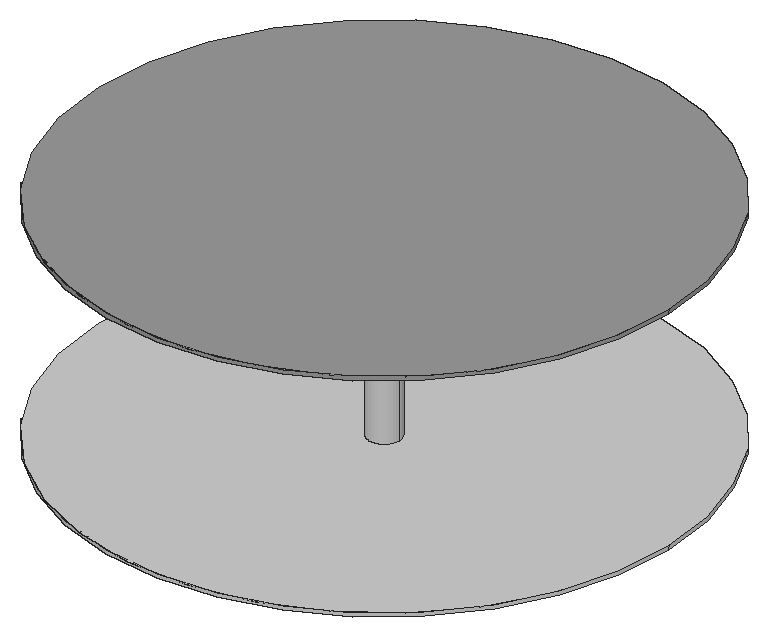
Revit family "Haworth_Cappellini_Gong_Table_AP_PRELIMINARY", category Furniture, Revit 2018
Family settings
  OmniClass Number = 23.40.20.00
  OmniClass Title = General Furniture and Specialties
  Work Plane-Based = No
  Always vertical = Yes
  Cut with Voids When Loaded = No
  Shared = No
  Room Calculation Point = No
Parameters (values of type "Large - Plain Top")
  Worksurface Width = if(Small, 250 mm, 370 mm)  # 370 mm
  Warranty = "http://www.haworth.com/resources/product-info/warranties"
  URL - Product = "https://www.haworth.com/ap/en/products/coffee-tables/gong.html"
  URL = "https://www.haworth.com/ap/en.html"
  Table Finish [instance] = Haworth _ Laminate _ Undecided _ Tables
  Small = no
  Size = "Verify Final Dim. w/ Haworth"  # constant formula
  Revision = "1"  # constant formula
  Radius = if(Small, 15 mm, 20 mm)  # 20 mm
  Plain Top = yes
  Model = "GG_XX"  # constant formula
  Manufacturer = "Haworth"  # constant formula
  Large = not(Small)  # yes
  Description = "Haworth - Cappellini - Gong - Table"  # constant formula
  Circus Top 2 Finish [instance] = Haworth _ Laminate _ Undecided _ Tables
  Circus Top 1 Finish [instance] = Haworth _ Laminate _ Collection Black E9-1
  Circus Top = not(or(Plain Top, Large))  # no
  Base Finish [instance] = Haworth _ Paint _ Undecided _ Table
  Author = "Haworth (Hampton, Abd Rahman)"  # constant formula
  Assembly Code = "E2020200"
  Actual Height = if(Small, 420 mm, 280 mm)  # 280 mm
  Actual Diameter = if(Small, 500 mm, 735 mm)  # 735 mm
Types (4, lengths in mm): name | Worksurface Width | Small | Radius | Plain Top | Large | Circus Top | Base Finish | Actual Height | Actual Diameter
  (no name) | 370 | no | 20 | yes | yes | no | Haworth _ Paint _ Undecided _ Table | 280 | 735
  Small - Plain Top | 250 | yes | 15 | yes | no | no | Haworth _ Paint _ Undecided _ Table | 420 | 500
  Large - Plain Top | 370 | no | 20 | yes | yes | no | Haworth _ Paint _ Undecided _ Table | 280 | 735
  Small - Circus Top | 250 | yes | 15 | no | no | yes | Haworth _ Paint _ Black | 420 | 500
Reference planes
  plane 1 "Center Front/Back": y = 0
  plane 2: z = 0
  plane 3 "Center Left/Right": x = 0
  plane 4 "Top": z = 280
  plane 5 "Top Bottom": z = 274.973
  plane 6 "Bottom Top": z = 4.762
  plane 7: x = -367.5
  plane 8: x = 367.5
  plane 9: y = -367.5
  plane 10: y = 367.5
  plane 11: through (-125, 216.506, 1219.2) normal (0.866, 0.5, 0)
  plane 12: through (216.506, 125, 1219.2) normal (0.5, -0.866, 0)
  plane 13: through (216.506, -125, 1219.2) normal (-0.5, -0.866, 0)
  plane 14: through (62.5, 108.253, 1219.2) normal (0.866, -0.5, 0)
Forms (mm)
  Extrusion 1, solid, material "Haworth _ Paint _ Undecided _ Table" <- "Base Finish"
    sketch origin (0, 0, 0) x (1, 0, 0) y (0, 1, 0)
      loop
        circle (0, 0) r 370
    from 0 to 4.762
  Extrusion 2, solid, material "Haworth _ Laminate _ Undecided _ Tables" <- "Table Finish", visible <- "Plain Top"
    sketch origin (0, 0, 0) x (1, 0, 0) y (0, 1, 0)
      loop
        circle (0, 0) r 370
    from 274.973 to 280
  Extrusion 3, solid, material "Haworth _ Paint _ Undecided _ Table" <- "Base Finish"
    sketch origin (0, 0, 0) x (1, 0, 0) y (0, 1, 0)
      loop
        circle (0, 0) r 20
    from 4.762 to 274.973
  Extrusion 4, solid, material "Haworth _ Laminate _ Undecided _ Tables" <- "Circus Top 2 Finish", visible <- "Circus Top"
    sketch origin (0, 0, 0) x (1, 0, 0) y (0, 1, 0)
      loop
        arc (183.75, 318.264) -> (95.116, 354.978) -> (0, 367.5) r 367.5
        line (0, 367.5) -> (0, 0) -> (183.75, 318.264)
    from 274.973 to 280
  Extrusion 5, solid, material "Haworth _ Laminate _ Collection Black E9-1" <- "Circus Top 1 Finish", visible <- "Circus Top"
    sketch origin (0, 0, 0) x (-0.5, 0.866025, 0) y (-0.866025, -0.5, 0)
      loop
        line (185, -320.429) -> (0, 0) -> (0, -370)
        arc (0, -370) -> (95.763, -357.393) -> (185, -320.429) r 370
    from 274.973 to 280
  Extrusion 6, solid, material "Haworth _ Laminate _ Undecided _ Tables" <- "Circus Top 2 Finish", visible <- "Circus Top"
    sketch origin (0, 0, 0) x (0.5, -0.866025, 0) y (0.866025, 0.5, 0)
      loop
        arc (183.75, 318.264) -> (95.116, 354.978) -> (0, 367.5) r 367.5
        line (0, 367.5) -> (0, 0) -> (183.75, 318.264)
    from 274.973 to 280
  Extrusion 7, solid, material "Haworth _ Laminate _ Collection Black E9-1" <- "Circus Top 1 Finish", visible <- "Circus Top"
    sketch origin (0, 0, 0) x (-1, 0, 0) y (0, -1, 0)
      loop
        line (183.75, -318.264) -> (0, 0) -> (0, -367.5)
        arc (0, -367.5) -> (95.116, -354.978) -> (183.75, -318.264) r 367.5
    from 274.973 to 280
  Extrusion 8, solid, material "Haworth _ Laminate _ Undecided _ Tables" <- "Circus Top 2 Finish", visible <- "Circus Top"
    sketch origin (0, 0, 0) x (0.5, 0.866025, 0) y (-0.866025, 0.5, 0)
      loop
        arc (185, 320.429) -> (95.763, 357.393) -> (0, 370) r 370
        line (0, 370) -> (0, 0) -> (185, 320.429)
    from 274.973 to 280
  Extrusion 9, solid, material "Haworth _ Laminate _ Collection Black E9-1" <- "Circus Top 1 Finish", visible <- "Circus Top"
    sketch origin (0, 0, 0) x (-0.5, -0.866025, 0) y (0.866025, -0.5, 0)
      loop
        line (183.75, -318.264) -> (0, 0) -> (0, -367.5)
        arc (0, -367.5) -> (95.116, -354.978) -> (183.75, -318.264) r 367.5
    from 274.973 to 280
  Extrusion 10, solid, material "Haworth _ Laminate _ Collection Black E9-1" <- "Circus Top 1 Finish", visible <- "Circus Top"
    sketch origin (0, 0, 0) x (1, 0, 0) y (0, 1, 0)
      loop
        line (183.75, -318.264) -> (0, 0) -> (0, -367.5)
        arc (0, -367.5) -> (95.116, -354.978) -> (183.75, -318.264) r 367.5
    from 274.973 to 280
  Extrusion 11, solid, material "Haworth _ Laminate _ Undecided _ Tables" <- "Circus Top 2 Finish", visible <- "Circus Top"
    sketch origin (0, 0, 0) x (-0.5, -0.866025, 0) y (0.866025, -0.5, 0)
      loop
        arc (185, 320.429) -> (95.763, 357.393) -> (0, 370) r 370
        line (0, 370) -> (0, 0) -> (185, 320.429)
    from 274.973 to 280
  Extrusion 12, solid, material "Haworth _ Laminate _ Collection Black E9-1" <- "Circus Top 1 Finish", visible <- "Circus Top"
    sketch origin (0, 0, 0) x (0.5, 0.866025, 0) y (-0.866025, 0.5, 0)
      loop
        line (183.75, -318.264) -> (0, 0) -> (0, -367.5)
        arc (0, -367.5) -> (95.116, -354.978) -> (183.75, -318.264) r 367.5
    from 274.973 to 280
  Extrusion 13, solid, material "Haworth _ Laminate _ Undecided _ Tables" <- "Circus Top 2 Finish", visible <- "Circus Top"
    sketch origin (0, 0, 0) x (-1, 0, 0) y (0, -1, 0)
      loop
        arc (183.75, 318.264) -> (95.116, 354.978) -> (0, 367.5) r 367.5
        line (0, 367.5) -> (0, 0) -> (183.75, 318.264)
    from 274.973 to 280
  Extrusion 14, solid, material "Haworth _ Laminate _ Collection Black E9-1" <- "Circus Top 1 Finish", visible <- "Circus Top"
    sketch origin (0, 0, 0) x (0.5, -0.866025, 0) y (0.866025, 0.5, 0)
      loop
        line (185, -320.429) -> (0, 0) -> (0, -370)
        arc (0, -370) -> (95.763, -357.393) -> (185, -320.429) r 370
    from 274.973 to 280
  Extrusion 15, solid, material "Haworth _ Laminate _ Undecided _ Tables" <- "Circus Top 2 Finish", visible <- "Circus Top"
    sketch origin (0, 0, 0) x (-0.5, 0.866025, 0) y (-0.866025, -0.5, 0)
      loop
        arc (183.75, 318.264) -> (95.116, 354.978) -> (0, 367.5) r 367.5
        line (0, 367.5) -> (0, 0) -> (183.75, 318.264)
    from 274.973 to 280
Lines and regions (mm)
  Masking region 1
    outline origin (0, 0, 0) x (1, 0, 0) y (0, 1, 0)
      loop
        circle (0, 0) r 370
Dimensions and locks
  "Actual Height": plane 4 "Top" to level
  locked: plane 6 "Bottom Top" to level at 4.763
  locked: plane 4 "Top" to plane 5 "Top Bottom" at 5.027
  equal spacing: plane 7, plane 3 "Center Left/Right", plane 8
  "Actual Diameter": plane 7 to plane 8
  equal spacing: plane 9, plane 1 "Center Front/Back", plane 10
  "Actual Diameter": plane 9 to plane 10
  "Worksurface Width": radius of Masking region 1 sketch curve
  "Worksurface Width": radius of Extrusion 2 sketch curve
  "Radius": radius of Extrusion 3 sketch curve
  "Worksurface Width": radius of Extrusion 1 sketch curve
  locked: plane 3 "Center Left/Right" to plane 11 (angle 30.00°)  (x2)
  locked: plane 11 to plane 13 (angle 30.00°)  (x2)
  locked: plane 13 to plane 1 "Center Front/Back" (angle 30.00°)  (x2)
  locked: plane 14 to plane 3 "Center Left/Right" (angle 30.00°)  (x2)
  locked: plane 12 to plane 14 (angle 30.00°)  (x2)
  locked: plane 1 "Center Front/Back" to plane 12 (angle 30.00°)  (x2)
  aligned and locked: plane 4 "Top" to Extrusion 2
  aligned and locked: Extrusion 2 to plane 5 "Top Bottom"
  aligned and locked: plane 5 "Top Bottom" to Extrusion 3
  aligned and locked: plane 3 "Center Left/Right" to Masking region 1 sketch curve
  aligned and locked: plane 1 "Center Front/Back" to Masking region 1 sketch curve
  aligned and locked: plane 1 "Center Front/Back" to Extrusion 2 sketch curve
  aligned and locked: plane 3 "Center Left/Right" to Extrusion 2 sketch curve
  aligned and locked: plane 1 "Center Front/Back" to Extrusion 3 sketch curve
  aligned and locked: plane 3 "Center Left/Right" to Extrusion 1 sketch curve
  aligned and locked: plane 1 "Center Front/Back" to Extrusion 1 sketch curve
  aligned and locked: Extrusion 12 to plane 5 "Top Bottom"
  aligned and locked: Extrusion 6 to plane 5 "Top Bottom"
  aligned and locked: plane 4 "Top" to Extrusion 12
  aligned and locked: plane 4 "Top" to Extrusion 6
  aligned and locked: Extrusion 11 to plane 5 "Top Bottom"
  aligned and locked: Extrusion 10 to plane 5 "Top Bottom"
  aligned and locked: Extrusion 5 to plane 5 "Top Bottom"
  aligned and locked: Extrusion 4 to plane 5 "Top Bottom"
  aligned and locked: Extrusion 13 to plane 5 "Top Bottom"
  aligned and locked: Extrusion 14 to plane 5 "Top Bottom"
  aligned and locked: Extrusion 15 to plane 5 "Top Bottom"
  aligned and locked: Extrusion 9 to plane 5 "Top Bottom"
  aligned and locked: Extrusion 8 to plane 5 "Top Bottom"
  aligned and locked: Extrusion 7 to plane 5 "Top Bottom"
  aligned and locked: plane 4 "Top" to Extrusion 15
  aligned and locked: plane 4 "Top" to Extrusion 9
  aligned and locked: plane 4 "Top" to Extrusion 13
  aligned and locked: plane 4 "Top" to Extrusion 14
  aligned and locked: plane 4 "Top" to Extrusion 8
  aligned and locked: plane 4 "Top" to Extrusion 7
  aligned and locked: plane 4 "Top" to Extrusion 10
  aligned and locked: plane 4 "Top" to Extrusion 11
  aligned and locked: plane 4 "Top" to Extrusion 5
  aligned and locked: plane 4 "Top" to Extrusion 4
  aligned and locked: Extrusion 7 sketch curve to plane 3 "Center Left/Right"
  aligned and locked: plane 11 to Extrusion 7 sketch curve
  aligned and locked: plane 11 to Extrusion 8 sketch curve
  aligned and locked: plane 13 to Extrusion 8 sketch curve
  aligned and locked: plane 13 to Extrusion 9 sketch curve
  aligned and locked: Extrusion 9 sketch curve to plane 1 "Center Front/Back"
  aligned and locked: Extrusion 15 sketch curve to plane 1 "Center Front/Back"
  aligned and locked: plane 12 to Extrusion 15 sketch curve
  aligned and locked: plane 12 to Extrusion 14 sketch curve
  aligned and locked: Extrusion 14 sketch curve to plane 14
  aligned and locked: Extrusion 13 sketch curve to plane 14
  aligned and locked: plane 3 "Center Left/Right" to Extrusion 13 sketch curve
  aligned and locked: plane 3 "Center Left/Right" to Extrusion 10 sketch curve
  aligned and locked: Extrusion 10 sketch curve to plane 11
  aligned and locked: Extrusion 11 sketch curve to plane 11
  aligned and locked: Extrusion 11 sketch curve to plane 13
  aligned and locked: Extrusion 12 sketch curve to plane 13
  aligned and locked: plane 1 "Center Front/Back" to Extrusion 12 sketch curve
  aligned and locked: plane 1 "Center Front/Back" to Extrusion 6 sketch curve
  aligned and locked: Extrusion 6 sketch curve to plane 12
  aligned and locked: Extrusion 5 sketch curve to plane 12
  aligned and locked: plane 14 to Extrusion 5 sketch curve
  aligned and locked: plane 14 to Extrusion 4 sketch curve
  aligned and locked: Extrusion 4 sketch curve to plane 3 "Center Left/Right"
  aligned and locked: Extrusion 1 to level
  aligned and locked: plane 6 "Bottom Top" to Extrusion 1
  aligned and locked: Extrusion 3 to plane 6 "Bottom Top"
  aligned and locked: Extrusion 5 sketch curve to Extrusion 2
  aligned and locked: Extrusion 8 sketch curve to Extrusion 2
  aligned and locked: Extrusion 14 sketch curve to Extrusion 2
  aligned and locked: Extrusion 11 sketch curve to Extrusion 2
Automatic sketch dimensions
  Extrusion 3 sketch curve to plane 3 "Center Left/Right" = 0 mm
  plane 1 "Center Front/Back" to Extrusion 4 sketch curve = 0 mm
  plane 10 to Extrusion 4 sketch curve = 0 mm
  Extrusion 6 sketch curve to plane 8 = 0 mm
  plane 1 "Center Front/Back" to Extrusion 6 sketch curve = 0 mm
  plane 1 "Center Front/Back" to Extrusion 7 sketch curve = 0 mm
  plane 10 to Extrusion 7 sketch curve = 0 mm
  Extrusion 9 sketch curve to plane 7 = 0 mm
  plane 1 "Center Front/Back" to Extrusion 9 sketch curve = 0 mm
  plane 1 "Center Front/Back" to Extrusion 10 sketch curve = 0 mm
  plane 9 to Extrusion 10 sketch curve = 0 mm
  Extrusion 12 sketch curve to plane 8 = 0 mm
  plane 1 "Center Front/Back" to Extrusion 12 sketch curve = 0 mm
  plane 1 "Center Front/Back" to Extrusion 13 sketch curve = 0 mm
  plane 9 to Extrusion 13 sketch curve = 0 mm
  Extrusion 15 sketch curve to plane 7 = 0 mm
  plane 1 "Center Front/Back" to Extrusion 15 sketch curve = 0 mm
